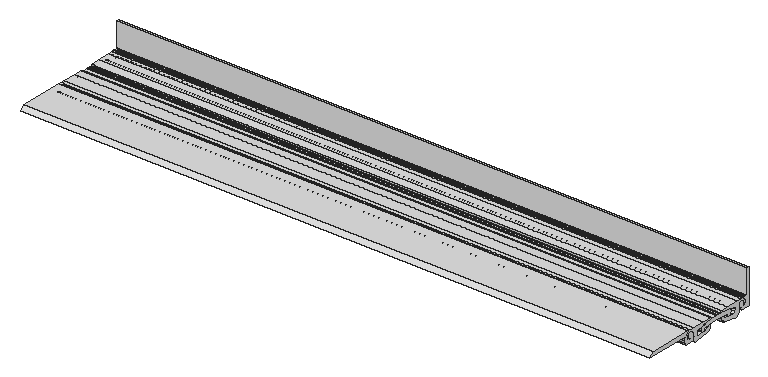
Revit family "Construction-Floors-Conecto-Aluminium Joints ALU AL.125.20", category Specialty Equipment, Revit 2015 (continued)
Definition of nested family "Standard"
  Automatic sketch dimensions
    Extrusion 26 sketch curve to Extrusion 26 sketch curve = 4.497 mm
    Extrusion 26 sketch curve to Extrusion 26 sketch curve = 0.474 mm
    Extrusion 26 sketch curve to Extrusion 26 sketch curve = 0.226 mm
    Extrusion 26 sketch curve to Extrusion 26 sketch curve = 2.262 mm
    Extrusion 26 sketch curve to Extrusion 26 sketch curve = 1.086 mm
    Extrusion 26 sketch curve to Extrusion 26 sketch curve = 3.872 mm
    Extrusion 26 sketch curve to Extrusion 26 sketch curve = 0.315 mm
    Extrusion 26 sketch curve to Extrusion 26 sketch curve = 0.382 mm
    Extrusion 26 sketch curve to Extrusion 26 sketch curve = 0.738 mm
    Extrusion 26 sketch curve to Extrusion 26 sketch curve = 0.923 mm
    Extrusion 26 sketch curve to Extrusion 26 sketch curve = 0.962 mm
    Extrusion 27 sketch curve to Extrusion 27 sketch curve = 0.355 mm
    Extrusion 27 sketch curve to Extrusion 27 sketch curve = 4.167 mm
    Extrusion 27 sketch curve to Extrusion 27 sketch curve = 0.341 mm
    Extrusion 27 sketch curve to Extrusion 27 sketch curve = 0.719 mm
    Extrusion 27 sketch curve to Extrusion 27 sketch curve = 2.167 mm
    Extrusion 27 sketch curve to Extrusion 27 sketch curve = 1.133 mm
    Extrusion 27 sketch curve to Extrusion 27 sketch curve = 3.927 mm
    Extrusion 27 sketch curve to Extrusion 27 sketch curve = 3.412 mm
    Extrusion 27 sketch curve to Extrusion 27 sketch curve = 1.229 mm
    Extrusion 27 sketch curve to Extrusion 27 sketch curve = 1.093 mm
    Extrusion 28 sketch curve to Extrusion 28 sketch curve = 0.688 mm
    Extrusion 28 sketch curve to Extrusion 28 sketch curve = 0.764 mm
    Extrusion 28 sketch curve to Extrusion 28 sketch curve = 0.111 mm
    Extrusion 28 sketch curve to Extrusion 28 sketch curve = 0.202 mm
    Extrusion 28 sketch curve to Extrusion 28 sketch curve = 0.252 mm
    Extrusion 28 sketch curve to Extrusion 28 sketch curve = 1.586 mm
    Extrusion 28 sketch curve to Extrusion 28 sketch curve = 3.306 mm
    Extrusion 29 sketch curve to Extrusion 29 sketch curve = 0.709 mm  (x2)
    Extrusion 29 sketch curve to Extrusion 29 sketch curve = 0.793 mm
    Extrusion 29 sketch curve to Extrusion 29 sketch curve = 3.054 mm
    Extrusion 29 sketch curve to Extrusion 29 sketch curve = 0.827 mm
    Extrusion 29 sketch curve to Extrusion 29 sketch curve = 1.261 mm
    Extrusion 29 sketch curve to Extrusion 29 sketch curve = 0.764 mm
    Extrusion 29 sketch curve to Extrusion 29 sketch curve = 1.458 mm
    Extrusion 29 sketch curve to Extrusion 29 sketch curve = 1.614 mm
    Extrusion 29 sketch curve to Extrusion 29 sketch curve = 0.252 mm
    Extrusion 29 sketch curve to Extrusion 29 sketch curve = 0.862 mm
    Extrusion 29 sketch curve to Extrusion 29 sketch curve = 0.566 mm
    Extrusion 29 sketch curve to Extrusion 29 sketch curve = 0.312 mm
    Extrusion 29 sketch curve to Extrusion 29 sketch curve = 2.024 mm
    Extrusion 29 sketch curve to Extrusion 29 sketch curve = 3.517 mm
    Extrusion 29 sketch curve to Extrusion 29 sketch curve = 0.531 mm
    Extrusion 29 sketch curve to Extrusion 29 sketch curve = 1.586 mm
    Extrusion 29 sketch curve to Extrusion 29 sketch curve = 3.306 mm
    Extrusion 30 sketch curve to Extrusion 30 sketch curve = 0.162 mm
    Extrusion 30 sketch curve to Extrusion 30 sketch curve = 0.349 mm
    Extrusion 30 sketch curve to Extrusion 30 sketch curve = 2.475 mm
    Extrusion 30 sketch curve to Extrusion 30 sketch curve = 0.603 mm
    Extrusion 30 sketch curve to Extrusion 30 sketch curve = 5.735 mm
    Extrusion 30 sketch curve to Extrusion 30 sketch curve = 0.144 mm
    Extrusion 30 sketch curve to Extrusion 30 sketch curve = 0.443 mm
    Extrusion 30 sketch curve to Extrusion 30 sketch curve = 3.992 mm
    Extrusion 30 sketch curve to Extrusion 30 sketch curve = 4.619 mm
    Extrusion 30 sketch curve to Extrusion 30 sketch curve = 0.531 mm
    Extrusion 30 sketch curve to Extrusion 30 sketch curve = 1.586 mm
    Extrusion 30 sketch curve to Extrusion 30 sketch curve = 3.306 mm
    Extrusion 1 sketch curve to level = 1.687 mm
    Extrusion 2 sketch curve to level = 1.685 mm
    Extrusion 3 sketch curve to level = 1.685 mm
    Extrusion 4 sketch curve to level = 1.628 mm
    Extrusion 5 sketch curve to level = 1.687 mm
    Extrusion 6 sketch curve to level = 1.685 mm
    Extrusion 7 sketch curve to level = 1.685 mm
    Extrusion 8 sketch curve to level = 1.628 mm
    Extrusion 9 sketch curve to level = 1.679 mm
    Extrusion 10 sketch curve to level = 1.677 mm
    level to Extrusion 21 sketch curve = 82.327 mm
    level to Extrusion 22 sketch curve = 72.189 mm
    level to Extrusion 23 sketch curve = 62.345 mm
    level to Extrusion 24 sketch curve = 47.383 mm
    level to Extrusion 25 sketch curve = 37.346 mm
    level to Extrusion 26 sketch curve = 27.196 mm
    level to Extrusion 27 sketch curve = 3.097 mm
    level to Extrusion 28 sketch curve = 0.275 mm
    level to Extrusion 29 sketch curve = 7.121 mm
    level to Extrusion 30 sketch curve = 15.297 mm
    Extrusion 11 sketch curve to level = 82.327 mm
    Extrusion 12 sketch curve to level = 72.189 mm
    Extrusion 13 sketch curve to level = 62.345 mm
    Extrusion 14 sketch curve to level = 47.383 mm
    Extrusion 15 sketch curve to level = 37.346 mm
    Extrusion 16 sketch curve to level = 27.196 mm
    Extrusion 17 sketch curve to level = 3.113 mm
    Extrusion 18 sketch curve to level = 0.275 mm
    Extrusion 19 sketch curve to level = 7.121 mm
    Extrusion 20 sketch curve to level = 15.297 mm
Definition of nested family "Rubber"
  Parameters (values of type "Rubber")
    PVC Material = none
    Length = 1000 mm
  Reference planes
    plane 1 "Center (Front/Back)": y = 0
    plane 2: z = 0
    plane 3 "Center (Left/Right)": x = 0
    plane 4: x = 1000
  Forms (mm)
    Extrusion 1, solid, material <- "PVC Material"
      sketch origin (0, 131.548, -67.027) x (0, 1, 0) y (0, 0, 1)
        loop
          line (-82.271, 80.73) -> (-88.437, 80.73) -> (-108.686, 80.73) -> (-121.591, 79.828)
          arc (-121.591, 79.828) -> (-122.521, 78.828) -> (-121.586, 77.832) r 1
          arc (-121.586, 77.832) -> (-108.803, 76.657) -> (-96.103, 74.785) r 235.2
          arc (-96.103, 74.785) -> (-94.15, 73.531) -> (-93.676, 71.258) r 3
          line (-93.676, 71.258) -> (-94.344, 67.822)
          arc (-94.344, 67.822) -> (-95.589, 65.923) -> (-97.807, 65.439) r 3
          arc (-97.807, 65.439) -> (-107.301, 66.894) -> (-116.848, 67.943) r 225.7
          line (-116.848, 67.943) -> (-117.121, 68.737) -> (-117.121, 69.783) -> (-117.121, 70.777)
          arc (-117.121, 70.777) -> (-118.539, 70.895) -> (-119.957, 71.004) r 228.5
          line (-119.957, 71.004) -> (-120.906, 71.074) -> (-120.921, 70.275) -> (-120.921, 69.152)
          arc (-120.921, 69.152) -> (-119.064, 64.326) -> (-114.45, 61.989) r 7.2
          arc (-114.45, 61.989) -> (-104.714, 60.778) -> (-95.04, 59.134) r 220
          arc (-95.04, 59.134) -> (-90.734, 60.015) -> (-88.309, 63.681) r 5.748
          line (-88.309, 63.681) -> (-86.394, 73.532)
          arc (-86.394, 73.532) -> (-81.14, 76.775) -> (-78.331, 71.276) r 4.2
          arc (-78.331, 71.276) -> (-78.16, 70.289) -> (-77.219, 69.945) r 1
          line (-77.219, 69.945) -> (-75.25, 70.293)
          arc (-75.25, 70.293) -> (-74.729, 70.558) -> (-74.446, 71.07) r 1
          arc (-74.446, 71.07) -> (-76.055, 77.766) -> (-82.271, 80.73) r 8
      from 0 to 1000
    Extrusion 2, solid, material <- "PVC Material"
      sketch origin (0, -133.494, -67.027) x (0, -1, 0) y (0, 0, -1)
        loop
          arc (-82.271, -80.73) -> (-76.055, -77.766) -> (-74.446, -71.07) r 8
          arc (-74.446, -71.07) -> (-74.729, -70.558) -> (-75.25, -70.293) r 1
          line (-75.25, -70.293) -> (-77.219, -69.945)
          arc (-77.219, -69.945) -> (-78.16, -70.289) -> (-78.331, -71.276) r 1
          arc (-78.331, -71.276) -> (-81.14, -76.775) -> (-86.394, -73.532) r 4.2
          line (-86.394, -73.532) -> (-88.309, -63.681)
          arc (-88.309, -63.681) -> (-90.734, -60.015) -> (-95.04, -59.134) r 5.748
          arc (-95.04, -59.134) -> (-104.714, -60.778) -> (-114.45, -61.989) r 220
          arc (-114.45, -61.989) -> (-119.064, -64.326) -> (-120.921, -69.152) r 7.2
          line (-120.921, -69.152) -> (-120.921, -70.275) -> (-120.906, -71.074) -> (-119.957, -71.004)
          arc (-119.957, -71.004) -> (-118.539, -70.895) -> (-117.121, -70.777) r 228.5
          line (-117.121, -70.777) -> (-117.121, -69.783) -> (-117.121, -68.737) -> (-116.848, -67.943)
          arc (-116.848, -67.943) -> (-107.301, -66.894) -> (-97.807, -65.439) r 225.7
          arc (-97.807, -65.439) -> (-95.589, -65.923) -> (-94.344, -67.822) r 3
          line (-94.344, -67.822) -> (-93.676, -71.258)
          arc (-93.676, -71.258) -> (-94.15, -73.531) -> (-96.103, -74.785) r 3
          arc (-96.103, -74.785) -> (-108.803, -76.657) -> (-121.586, -77.832) r 235.2
          arc (-121.586, -77.832) -> (-122.521, -78.828) -> (-121.591, -79.828) r 1
          line (-121.591, -79.828) -> (-108.686, -80.73) -> (-88.437, -80.73) -> (-82.271, -80.73)
      from 0 to 1000
    Extrusion 3, solid, material <- "PVC Material"
      sketch origin (0, 131.548, -67.027) x (0, 1, 0) y (0, 0, 1)
        loop
          arc (-106.161, 75.693) -> (-107.397, 75.862) -> (-108.635, 76.023) r 190
          line (-108.635, 76.023) -> (-109.462, 76.128) -> (-109.043, 75.361)
          arc (-109.043, 75.361) -> (-109.053, 74.122) -> (-110.173, 73.593) r 1.165
          line (-110.173, 73.593) -> (-111.291, 73.724)
          arc (-111.291, 73.724) -> (-112.272, 74.472) -> (-112.079, 75.691) r 1.204
          line (-112.079, 75.691) -> (-111.528, 76.353) -> (-112.31, 76.452)
          arc (-112.31, 76.452) -> (-115.399, 76.757) -> (-118.492, 77.012) r 190
          line (-118.492, 77.012) -> (-119.41, 77.346) -> (-121.504, 77.492) -> (-125.594, 77.635) -> (-128.538, 77.738) -> (-129.551, 77.738) -> (-131.548, 77.808) -> (-138.554, 77.685) -> (-140.412, 77.588) -> (-143.489, 77.427) -> (-145.436, 77.325) -> (-146.194, 77.038)
          arc (-146.194, 77.038) -> (-149.911, 76.733) -> (-153.621, 76.355) r 190
          line (-153.621, 76.355) -> (-153.015, 75.749)
          arc (-153.015, 75.749) -> (-152.756, 74.509) -> (-153.752, 73.724) r 1.204
          line (-153.752, 73.724) -> (-154.87, 73.593)
          arc (-154.87, 73.593) -> (-155.994, 74.129) -> (-155.991, 75.375) r 1.165
          line (-155.991, 75.375) -> (-155.508, 76.135)
          arc (-155.508, 76.135) -> (-157.196, 75.921) -> (-158.882, 75.693) r 190
          arc (-158.882, 75.693) -> (-160.908, 74.464) -> (-161.411, 72.149) r 3
          line (-161.411, 72.149) -> (-160.778, 68.894)
          arc (-160.778, 68.894) -> (-159.981, 67.651) -> (-158.548, 67.293) r 2
          arc (-158.548, 67.293) -> (-157.149, 67.477) -> (-155.749, 67.653) r 226.5
          line (-155.749, 67.653) -> (-156.252, 70.244) -> (-155.769, 70.862)
          arc (-155.769, 70.862) -> (-132.507, 72.33) -> (-109.246, 70.859) r 184.8
          line (-109.246, 70.859) -> (-108.808, 70.155) -> (-109.294, 67.653)
          arc (-109.294, 67.653) -> (-107.894, 67.477) -> (-106.495, 67.293) r 226.5
          arc (-106.495, 67.293) -> (-105.062, 67.651) -> (-104.265, 68.894) r 2
          line (-104.265, 68.894) -> (-103.632, 72.149)
          arc (-103.632, 72.149) -> (-104.135, 74.464) -> (-106.161, 75.693) r 3
      from 0 to 1000
  Dimensions and locks
    "Length": plane 3 "Center (Left/Right)" to plane 4
    aligned and locked: level to plane 2
    aligned and locked: Extrusion 2 to plane 4
    aligned and locked: Extrusion 3 to plane 4
    aligned and locked: Extrusion 1 to plane 4
  Automatic sketch dimensions
    Extrusion 1 sketch curve to Extrusion 1 sketch curve = 0 mm  (x16)
    plane 1 "Center (Front/Back)" to Extrusion 1 sketch curve = 5.18 mm
    Extrusion 1 sketch curve to plane 1 "Center (Front/Back)" = 9.957 mm
    Extrusion 1 sketch curve to Extrusion 1 sketch curve = 0.07 mm
    Extrusion 1 sketch curve to Extrusion 1 sketch curve = 0.6 mm
    Extrusion 1 sketch curve to Extrusion 1 sketch curve = 0.016 mm
    Extrusion 1 sketch curve to Extrusion 1 sketch curve = 0.949 mm
    Extrusion 1 sketch curve to Extrusion 1 sketch curve = 2.836 mm
    level to Extrusion 1 sketch curve = 0.916 mm
    Extrusion 1 sketch curve to Extrusion 1 sketch curve = 0.274 mm
    Extrusion 1 sketch curve to Extrusion 1 sketch curve = 3.126 mm
    Extrusion 1 sketch curve to Extrusion 1 sketch curve = 5.036 mm
    Extrusion 1 sketch curve to Extrusion 1 sketch curve = 16.432 mm
    Extrusion 1 sketch curve to Extrusion 1 sketch curve = 0.668 mm
    Extrusion 1 sketch curve to Extrusion 1 sketch curve = 2.945 mm  (x2)
    Extrusion 1 sketch curve to Extrusion 1 sketch curve = 0.393 mm
    Extrusion 1 sketch curve to Extrusion 1 sketch curve = 5.239 mm
    Extrusion 1 sketch curve to Extrusion 1 sketch curve = 5.642 mm
    Extrusion 1 sketch curve to Extrusion 1 sketch curve = 2.043 mm
    Extrusion 1 sketch curve to Extrusion 1 sketch curve = 6.166 mm
    Extrusion 1 sketch curve to Extrusion 1 sketch curve = 4.879 mm
    Extrusion 1 sketch curve to Extrusion 1 sketch curve = 0.174 mm  (x2)
    Extrusion 1 sketch curve to Extrusion 1 sketch curve = 1.969 mm
    Extrusion 1 sketch curve to Extrusion 1 sketch curve = 0.121 mm
    Extrusion 1 sketch curve to Extrusion 1 sketch curve = 3.043 mm
    Extrusion 1 sketch curve to Extrusion 1 sketch curve = 1.097 mm
    Extrusion 1 sketch curve to level = 223.907 mm
    Extrusion 1 sketch curve to Extrusion 1 sketch curve = 0.572 mm  (x2)
    Extrusion 1 sketch curve to Extrusion 1 sketch curve = 0.795 mm
    Extrusion 1 sketch curve to Extrusion 1 sketch curve = 0.415 mm
    Extrusion 1 sketch curve to Extrusion 1 sketch curve = 1.045 mm
    Extrusion 1 sketch curve to Extrusion 1 sketch curve = 6.264 mm
    Extrusion 1 sketch curve to Extrusion 1 sketch curve = 1.123 mm
    Extrusion 1 sketch curve to Extrusion 1 sketch curve = 0.347 mm
    Extrusion 1 sketch curve to Extrusion 1 sketch curve = 0.995 mm
    Extrusion 1 sketch curve to Extrusion 1 sketch curve = 0.985 mm  (x2)
    Extrusion 1 sketch curve to Extrusion 1 sketch curve = 0.799 mm
    Extrusion 1 sketch curve to Extrusion 1 sketch curve = 3.436 mm
    Extrusion 1 sketch curve to Extrusion 1 sketch curve = 1.8 mm
    Extrusion 1 sketch curve to Extrusion 1 sketch curve = 0.801 mm
    Extrusion 1 sketch curve to Extrusion 1 sketch curve = 7.756 mm
    Extrusion 1 sketch curve to Extrusion 1 sketch curve = 0.998 mm
    Extrusion 1 sketch curve to Extrusion 1 sketch curve = 7.199 mm
    Extrusion 2 sketch curve to Extrusion 2 sketch curve = 0 mm  (x16)
    plane 1 "Center (Front/Back)" to Extrusion 2 sketch curve = 3.234 mm
    Extrusion 2 sketch curve to plane 1 "Center (Front/Back)" = 11.903 mm
    Extrusion 2 sketch curve to Extrusion 2 sketch curve = 0.07 mm
    Extrusion 2 sketch curve to Extrusion 2 sketch curve = 0.6 mm
    Extrusion 2 sketch curve to Extrusion 2 sketch curve = 0.016 mm
    Extrusion 2 sketch curve to Extrusion 2 sketch curve = 0.949 mm
    Extrusion 2 sketch curve to Extrusion 2 sketch curve = 2.836 mm
    Extrusion 2 sketch curve to level = 0.916 mm
    Extrusion 2 sketch curve to Extrusion 2 sketch curve = 0.274 mm
    Extrusion 2 sketch curve to Extrusion 2 sketch curve = 3.126 mm
    Extrusion 2 sketch curve to Extrusion 2 sketch curve = 5.036 mm
    Extrusion 2 sketch curve to Extrusion 2 sketch curve = 16.432 mm
    Extrusion 2 sketch curve to Extrusion 2 sketch curve = 0.668 mm
    Extrusion 2 sketch curve to level = 0.794 mm
    Extrusion 2 sketch curve to Extrusion 2 sketch curve = 2.945 mm  (x2)
    Extrusion 2 sketch curve to Extrusion 2 sketch curve = 0.393 mm
    Extrusion 2 sketch curve to level = 4.231 mm
    Extrusion 2 sketch curve to Extrusion 2 sketch curve = 5.239 mm
    level to Extrusion 2 sketch curve = 3.346 mm
    Extrusion 2 sketch curve to Extrusion 2 sketch curve = 5.642 mm
    Extrusion 2 sketch curve to Extrusion 2 sketch curve = 2.043 mm
    Extrusion 2 sketch curve to Extrusion 2 sketch curve = 6.166 mm
    Extrusion 2 sketch curve to Extrusion 2 sketch curve = 4.879 mm
    Extrusion 2 sketch curve to level = 2.918 mm
    Extrusion 2 sketch curve to Extrusion 2 sketch curve = 0.174 mm  (x2)
    Extrusion 2 sketch curve to Extrusion 2 sketch curve = 1.969 mm
    Extrusion 2 sketch curve to level = 3.265 mm
    level to Extrusion 2 sketch curve = 223.907 mm
    Extrusion 2 sketch curve to Extrusion 2 sketch curve = 3.043 mm
    Extrusion 2 sketch curve to Extrusion 2 sketch curve = 0.572 mm  (x2)
    Extrusion 2 sketch curve to Extrusion 2 sketch curve = 0.795 mm
    Extrusion 2 sketch curve to Extrusion 2 sketch curve = 0.415 mm
    Extrusion 2 sketch curve to Extrusion 2 sketch curve = 1.045 mm
    Extrusion 2 sketch curve to Extrusion 2 sketch curve = 1.123 mm
    Extrusion 2 sketch curve to Extrusion 2 sketch curve = 0.995 mm
    Extrusion 2 sketch curve to Extrusion 2 sketch curve = 0.985 mm  (x2)
    Extrusion 2 sketch curve to Extrusion 2 sketch curve = 0.799 mm
    Extrusion 2 sketch curve to Extrusion 2 sketch curve = 1.8 mm
    Extrusion 2 sketch curve to Extrusion 2 sketch curve = 0.801 mm
    Extrusion 2 sketch curve to Extrusion 2 sketch curve = 7.756 mm
    Extrusion 2 sketch curve to Extrusion 2 sketch curve = 0.998 mm
    Extrusion 2 sketch curve to Extrusion 2 sketch curve = 7.199 mm
    Extrusion 3 sketch curve to Extrusion 3 sketch curve = 0 mm  (x10)
    level to Extrusion 3 sketch curve = 5.122 mm
    plane 1 "Center (Front/Back)" to Extrusion 3 sketch curve = 29.862 mm
    level to Extrusion 3 sketch curve = 1.867 mm
    Extrusion 3 sketch curve to Extrusion 3 sketch curve = 0.633 mm
    Extrusion 3 sketch curve to Extrusion 3 sketch curve = 1.963 mm  (x2)
    Extrusion 3 sketch curve to Extrusion 3 sketch curve = 2.945 mm  (x2)
    level to Extrusion 3 sketch curve = 3.217 mm
    Extrusion 3 sketch curve to Extrusion 3 sketch curve = 2.562 mm
    level to Extrusion 3 sketch curve = 8.348 mm
    Extrusion 3 sketch curve to Extrusion 3 sketch curve = 2.475 mm
    level to Extrusion 3 sketch curve = 3.835 mm
    Extrusion 3 sketch curve to Extrusion 3 sketch curve = 0.483 mm  (x2)
    level to Extrusion 3 sketch curve = 0.625 mm
    Extrusion 3 sketch curve to Extrusion 3 sketch curve = 0.504 mm
    level to Extrusion 3 sketch curve = 9.107 mm
    Extrusion 3 sketch curve to Extrusion 3 sketch curve = 0.983 mm
    level to Extrusion 3 sketch curve = 6.566 mm
    Extrusion 3 sketch curve to Extrusion 3 sketch curve = 0.139 mm
    Extrusion 3 sketch curve to Extrusion 3 sketch curve = 1.12 mm  (x2)
    level to Extrusion 3 sketch curve = 6.697 mm  (x2)
    Extrusion 3 sketch curve to Extrusion 3 sketch curve = 1.118 mm  (x2)
    level to Extrusion 3 sketch curve = 9.328 mm
    Extrusion 3 sketch curve to Extrusion 3 sketch curve = 0.267 mm
    level to Extrusion 3 sketch curve = 8.722 mm
    Extrusion 3 sketch curve to Extrusion 3 sketch curve = 0.606 mm
    level to Extrusion 3 sketch curve = 10.01 mm
    Extrusion 3 sketch curve to Extrusion 3 sketch curve = 6.821 mm
    Extrusion 3 sketch curve to Extrusion 3 sketch curve = 0.758 mm
    Extrusion 3 sketch curve to Extrusion 3 sketch curve = 1.947 mm
    Extrusion 3 sketch curve to Extrusion 3 sketch curve = 3.077 mm
    Extrusion 3 sketch curve to Extrusion 3 sketch curve = 1.858 mm
    plane 1 "Center (Front/Back)" to Extrusion 3 sketch curve = 5.18 mm
    Extrusion 3 sketch curve to Extrusion 3 sketch curve = 4.207 mm
    Extrusion 3 sketch curve to Extrusion 3 sketch curve = 7.006 mm
    Extrusion 3 sketch curve to Extrusion 3 sketch curve = 1.997 mm
    Extrusion 3 sketch curve to Extrusion 3 sketch curve = 1.013 mm
    Extrusion 3 sketch curve to Extrusion 3 sketch curve = 8.415 mm
    Extrusion 3 sketch curve to Extrusion 3 sketch curve = 2.944 mm
    Extrusion 3 sketch curve to Extrusion 3 sketch curve = 4.09 mm
    Extrusion 3 sketch curve to Extrusion 3 sketch curve = 2.093 mm
    Extrusion 3 sketch curve to Extrusion 3 sketch curve = 0.918 mm
    Extrusion 3 sketch curve to Extrusion 3 sketch curve = 6.182 mm
    Extrusion 3 sketch curve to Extrusion 3 sketch curve = 0.231 mm
    Extrusion 3 sketch curve to Extrusion 3 sketch curve = 0.783 mm
    Extrusion 3 sketch curve to Extrusion 3 sketch curve = 0.788 mm
    Extrusion 3 sketch curve to Extrusion 3 sketch curve = 0.925 mm
    Extrusion 3 sketch curve to Extrusion 3 sketch curve = 0.572 mm  (x3)
    level to Extrusion 3 sketch curve = 3.831 mm
    Extrusion 3 sketch curve to Extrusion 3 sketch curve = 0.42 mm
    Extrusion 3 sketch curve to Extrusion 3 sketch curve = 0.438 mm
    Extrusion 3 sketch curve to Extrusion 3 sketch curve = 0.408 mm
    Extrusion 3 sketch curve to Extrusion 3 sketch curve = 2.669 mm
    Extrusion 3 sketch curve to Extrusion 3 sketch curve = 2.58 mm
    Extrusion 3 sketch curve to Extrusion 3 sketch curve = 44.71 mm
    Extrusion 3 sketch curve to Extrusion 3 sketch curve = 1.965 mm
    Extrusion 3 sketch curve to Extrusion 3 sketch curve = 0.382 mm  (x2)
    Extrusion 3 sketch curve to Extrusion 3 sketch curve = 0.704 mm
    Extrusion 3 sketch curve to Extrusion 3 sketch curve = 3.255 mm
    Extrusion 3 sketch curve to Extrusion 3 sketch curve = 0.131 mm
    Extrusion 3 sketch curve to Extrusion 3 sketch curve = 1.157 mm
    Extrusion 3 sketch curve to Extrusion 3 sketch curve = 0.171 mm
    Extrusion 3 sketch curve to Extrusion 3 sketch curve = 0.662 mm  (x2)
    Extrusion 3 sketch curve to Extrusion 3 sketch curve = 0.105 mm
    Extrusion 3 sketch curve to Extrusion 3 sketch curve = 0.099 mm
    Extrusion 3 sketch curve to Extrusion 3 sketch curve = 0.287 mm
    Extrusion 3 sketch curve to Extrusion 3 sketch curve = 0.334 mm
    Extrusion 3 sketch curve to Extrusion 3 sketch curve = 0.102 mm
    Extrusion 3 sketch curve to Extrusion 3 sketch curve = 0.146 mm
    Extrusion 3 sketch curve to Extrusion 3 sketch curve = 0.161 mm
    Extrusion 3 sketch curve to Extrusion 3 sketch curve = 0.143 mm
    Extrusion 3 sketch curve to Extrusion 3 sketch curve = 0.097 mm
    Extrusion 3 sketch curve to Extrusion 3 sketch curve = 0.103 mm
    Extrusion 3 sketch curve to Extrusion 3 sketch curve = 0.07 mm
    Extrusion 3 sketch curve to Extrusion 3 sketch curve = 0.486 mm
Types (20, lengths in mm): name | Rubber Level | N CV | N | 97 CV | 97 | .87 CV | .87 | .77 CV | .77 | .62 | .52 CV | .52 | 42 CV | 42 | .30 CV | .30 | .22 | .15 CV | .15 | #CONST_.20-70
  Aluminium Joints ALU AL.125.20.22 CV | 0 | no | yes | no | no | no | no | no | no | no | no | no | no | no | no | no | no | no | no | 50
  Aluminium Joints ALU AL.125.20.42 CV | 0 | no | no | no | no | no | no | no | no | no | no | no | yes | no | no | no | no | no | no | 30
  Aluminium Joints ALU AL.125.20.87 CV | 0 | no | no | no | no | yes | no | no | no | no | no | no | no | no | no | no | no | no | no | 50
  Aluminium Joints ALU AL.125.20.15 | 0 | no | no | no | no | no | no | no | no | no | no | no | no | no | no | no | no | no | yes | 60
  Aluminium Joints ALU AL.125.20.52 | 0 | no | no | no | no | no | no | no | no | no | no | yes | no | no | no | no | no | no | no | 70
  Aluminium Joints ALU AL.125.20.62 CV | 0 | no | yes | no | no | no | no | no | no | no | no | no | no | no | no | no | no | no | no | 70
  Aluminium Joints ALU AL.125.20.30 | 0 | no | no | no | no | no | no | no | no | no | no | no | no | no | no | yes | no | no | no | 70
  Aluminium Joints ALU AL.125.20.62 | 0 | no | no | no | no | no | no | no | no | yes | no | no | no | no | no | no | no | no | no | 50
  Aluminium Joints ALU AL.125.20.87 | 0 | no | no | no | no | no | yes | no | no | no | no | no | no | no | no | no | no | no | no | 70
  Aluminium Joints ALU AL.125.20 N CV | 4.5 | yes | no | no | no | no | no | no | no | no | no | no | no | no | no | no | no | no | no | 70
  Aluminium Joints ALU AL.125.20.77 | 0 | no | no | no | no | no | no | no | yes | no | no | no | no | no | no | no | no | no | no | 70
  Aluminium Joints ALU AL.125.20 N | 4.5 | no | yes | no | no | no | no | no | no | no | no | no | no | no | no | no | no | no | no | 70
  Aluminium Joints ALU AL.125.20.77 CV | 0 | no | no | no | no | no | no | yes | no | no | no | no | no | no | no | no | no | no | no | 70
  Aluminium Joints ALU AL.125.20.97 | 0 | no | no | no | yes | no | no | no | no | no | no | no | no | no | no | no | no | no | no | 70
  Aluminium Joints ALU AL.125.20.15 CV | 0 | no | no | no | no | no | no | no | no | no | no | no | no | no | no | no | no | yes | no | 70
  Aluminium Joints ALU AL.125.20.30 CV | 0 | no | no | no | no | no | no | no | no | no | no | no | no | no | yes | no | no | no | no | 20
  Aluminium Joints ALU AL.125.20.52 CV | 0 | no | no | no | no | no | no | no | no | no | yes | no | no | no | no | no | no | no | no | 30
  Aluminium Joints ALU AL.125.20.97 CV | 0 | no | no | yes | no | no | no | no | no | no | no | no | no | no | no | no | no | no | no | 50
  Aluminium Joints ALU AL.125.20.22 | 0 | no | no | no | no | no | no | no | no | no | no | no | no | no | no | no | yes | no | no | 60
  Aluminium Joints ALU AL.125.20.42 | 0 | no | no | no | no | no | no | no | no | no | no | no | no | yes | no | no | no | no | no | 70
